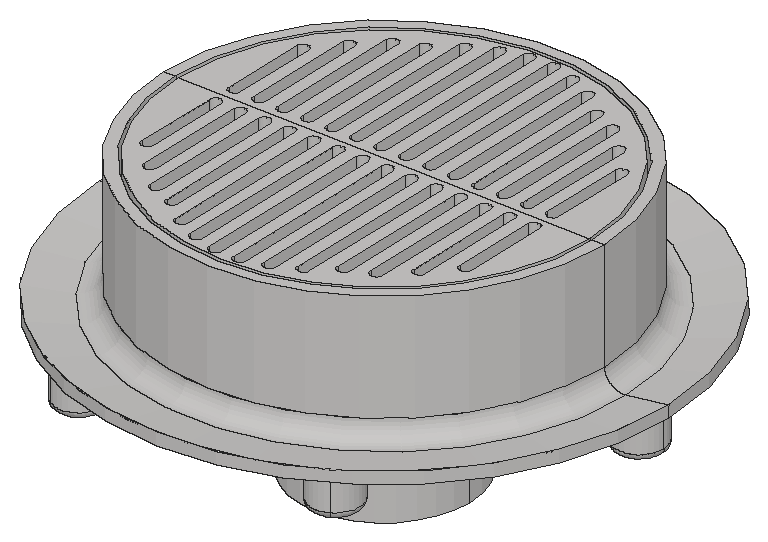
Revit family "Drain_Floor_Medium-Depth_Round_Zurn-Z1731_Heavy-Duty", category Plumbing Fixtures, Revit 2022
Family settings
  Round Connector Dimension = Use Radius
  Part Type = Normal
  OmniClass Number = 23.45.55.21
  OmniClass Title = Drains (Wastes)
  Work Plane-Based = No
  Always vertical = Yes
  Cut with Voids When Loaded = No
  Maintain Annotation Orientation = No
  Shared = No
  Room Calculation Point = No
Parameters (values of type "Load Family Type Catalog")
  Vent Connection = 1 = 0  # no
  HW Connection = 1 = 0  # no
  CW Connection = 1 = 0  # no
  Waste Connection = 1 = 1  # yes
  WFU = 0  # constant formula
  URL = "www.zurn.com"
  Type Comments = "Z1731 - 3 inch Butt-Weld Outlet"
  Product data url = "https://www.bimobject.com/en-us/zurnindustries/product/z1731"
  Product Page URL = "https://www.zurn.com/products/drainage-interceptors/floor-drains/area-drains/z1731"
  Product Documentation Link = "https://files.zurn.com/spec-sheets/z1731.pdf"
  Pipe Size 'A' (Outer Diameter) = 3.500"
  Pipe Size 'A' (Nominal Radius) = [Pipe Size 'A' (Nominal Diameter)] / 2  # 1.500"
  Pipe Size 'A' (Nominal Diameter) = 3.000"
  Pipe Size 'A' (Inner Radius) = [Pipe Size 'A' (Inner Diameter)] / 2  # 1.534"
  Pipe Size 'A' (Outer Radius) = [Pipe Size 'A' (Outer Diameter)] / 2  # 1.750"
  Pipe Size 'A' (Inner Diameter) = 3.068"
  Modified Date = "10/31/25"  # constant formula
  Model = "Z1731"
  Manufacurer Brand = "Zurn"  # constant formula
  Manufacturer = "Zurn Water, LLC"  # constant formula
  Main Material = Steel - Zurn- Stainless - Type - 304
  HWFU = 0  # constant formula
  Description = "9 INCH DIAMETER FLOOR DRAIN MEDIUM DEPTH"  # constant formula
  Default Elevation = 0.000"
  Date Created = "02/15/23"  # constant formula
  CWFU = 0  # constant formula
  Body HT Dim 'E' = 5.688"
  Assembly Code = "D2030300"
  Approx. Weight (Lbs) = 22.000"
Reference planes (in)
  plane 1 "Center (Front/Back)": y = 0
  plane 2: z = 0
  plane 3 "Center (Left/Right)": x = 0
  plane 4 "Outlet": z = -5.688
  plane 5: x = 5.813
  plane 6: x = 4.5
  plane 7: x = 1.534
  plane 8: x = 1.75
  plane 9: x = 1.5
  plane 10: x = -1.5
  plane 11: y = 1.5
  plane 12: y = -1.5
  plane 13: x = 5.213
  plane 14: x = 5.713
  plane 15: z = -3.4375
  plane 16: z = -2.375
Forms (in)
  Revolve 1, solid, material "Steel - Zurn- Stainless - Type - 304" <- "Main Material", detail levels fine
    sketch origin (0, 0, 0) x (1, 0, 0) y (0, 0, 1)
      loop
        line (4.0175, -0.625) -> (4.0175, -2.42217)
        arc (4.0175, -2.42217) -> (3.92765, -2.66571) -> (3.70116, -2.79255) r 0.375
        line (3.70116, -2.79255) -> (1.74489, -3.1024)
        arc (1.74489, -3.1024) -> (1.5939, -3.18696) -> (1.534, -3.34932) r 0.25
        line (1.534, -3.34932) -> (1.534, -5.688) -> (1.75, -5.688) -> (1.75, -3.56822)
        arc (1.75, -3.56822) -> (1.8099, -3.40586) -> (1.96089, -3.3213) r 0.25
        line (1.96089, -3.3213) -> (5.813, -2.71119) -> (5.813, -2.46541) -> (4.93366, -2.60469)
        arc (4.93366, -2.60469) -> (4.63146, -2.51946) -> (4.5, -2.2343) r 0.375
        line (4.5, -2.2343) -> (4.5, 0) -> (4.2675, 0) -> (4.2675, -0.625) -> (4.0175, -0.625)
      axis (0, -5.688) -> (0, 0)
    angle from 0 to 360
  Revolve 2, solid, material "Steel - Zurn- Stainless - Type - 304" <- "Main Material", detail levels fine
    sketch origin (0, 0, 0) x (1, 0, 0) y (0, 0, 1)
      loop
        line (5.213, -2.71119) -> (5.213, -3.4375) -> (5.588, -3.4375)
        arc (5.588, -3.4375) -> (5.67639, -3.40089) -> (5.713, -3.3125) r 0.125
        line (5.713, -3.3125) -> (5.713, -2.71119) -> (5.213, -2.71119)
      axis (5.213, -2.71119) -> (5.213, -3.4375)
    angle from 0 to 360
  Revolve 3, solid, material "Steel - Zurn- Stainless - Type - 304" <- "Main Material", detail levels fine
    sketch origin (0, 0, 0) x (0.5, 0.866025, 0) y (0, 0, 1)
      loop
        line (5.213, -2.71119) -> (5.213, -3.4375) -> (5.588, -3.4375)
        arc (5.588, -3.4375) -> (5.67639, -3.40089) -> (5.713, -3.3125) r 0.125
        line (5.713, -3.3125) -> (5.713, -2.71119) -> (5.213, -2.71119)
      axis (5.213, -2.71119) -> (5.213, -3.4375)
    angle from 0 to 360
  Revolve 4, solid, material "Steel - Zurn- Stainless - Type - 304" <- "Main Material", detail levels fine
    sketch origin (0, 0, 0) x (-0.5, 0.866025, 0) y (0, 0, 1)
      loop
        line (5.213, -2.71119) -> (5.213, -3.4375) -> (5.588, -3.4375)
        arc (5.588, -3.4375) -> (5.67639, -3.40089) -> (5.713, -3.3125) r 0.125
        line (5.713, -3.3125) -> (5.713, -2.71119) -> (5.213, -2.71119)
      axis (5.213, -2.71119) -> (5.213, -3.4375)
    angle from 0 to 360
  Revolve 5, solid, material "Steel - Zurn- Stainless - Type - 304" <- "Main Material", detail levels fine
    sketch origin (0, 0, 0) x (-1, 0, 0) y (0, 0, 1)
      loop
        line (5.213, -2.71119) -> (5.213, -3.4375) -> (5.588, -3.4375)
        arc (5.588, -3.4375) -> (5.67639, -3.40089) -> (5.713, -3.3125) r 0.125
        line (5.713, -3.3125) -> (5.713, -2.71119) -> (5.213, -2.71119)
      axis (5.213, -2.71119) -> (5.213, -3.4375)
    angle from 0 to 360
  Revolve 6, solid, material "Steel - Zurn- Stainless - Type - 304" <- "Main Material", detail levels fine
    sketch origin (0, 0, 0) x (-0.5, -0.866025, 0) y (0, 0, 1)
      loop
        line (5.213, -2.71119) -> (5.213, -3.4375) -> (5.588, -3.4375)
        arc (5.588, -3.4375) -> (5.67639, -3.40089) -> (5.713, -3.3125) r 0.125
        line (5.713, -3.3125) -> (5.713, -2.71119) -> (5.213, -2.71119)
      axis (5.213, -2.71119) -> (5.213, -3.4375)
    angle from 0 to 360
  Revolve 7, solid, material "Steel - Zurn- Stainless - Type - 304" <- "Main Material", detail levels fine
    sketch origin (0, 0, 0) x (0.5, -0.866025, 0) y (0, 0, 1)
      loop
        line (5.213, -2.71119) -> (5.213, -3.4375) -> (5.588, -3.4375)
        arc (5.588, -3.4375) -> (5.67639, -3.40089) -> (5.713, -3.3125) r 0.125
        line (5.713, -3.3125) -> (5.713, -2.71119) -> (5.213, -2.71119)
      axis (5.213, -2.71119) -> (5.213, -3.4375)
    angle from 0 to 360
Lines and regions (in)
  Masking region 1, detail levels fine
    outline origin (0, 0, 0) x (1, 0, 0) y (0, 1, 0)
      loop
        circle (0, 0) r 4.5
  model lines, detail levels coarse+medium
    curve 1: line (0, 0, 0) -> (0, 0, -5.688)
    curve 2: circle (0, 0, 0) r 4.2675 normal (0, 0, 1)
    curve 3: circle (0, 0, 0) r 4.5 normal (0, 0, 1)
    curve 4: line (-3.29516, 2.71173, 0) -> (-3.29516, -2.71173, 0)
    curve 5: line (-2.78763, 3.2312, 0) -> (-2.78763, -3.2312, 0)
    curve 6: line (-2.28011, 3.60731, 0) -> (-2.28011, -3.60731, 0)
    curve 7: line (-1.77258, 3.88195, 0) -> (-1.77258, -3.88195, 0)
    curve 8: line (-1.26505, 4.07568, 0) -> (-1.26505, -4.07568, 0)
    curve 9: line (-0.75753, 4.19973, 0) -> (-0.75753, -4.19973, 0)
    curve 10: line (-0.25, 4.26017, 0) -> (-0.25, -4.26017, 0)
    curve 11: line (0.25753, 4.25972, 0) -> (0.25753, -4.25972, 0)
    curve 12: line (0.76505, 4.19836, 0) -> (0.76505, -4.19836, 0)
    curve 13: line (1.27258, 4.07334, 0) -> (1.27258, -4.07334, 0)
    curve 14: line (1.78011, 3.8785, 0) -> (1.78011, -3.8785, 0)
    curve 15: line (2.79516, 3.22469, 0) -> (2.79516, -3.22469, 0)
    curve 16: line (2.28763, 3.60254, 0) -> (2.28763, -3.60254, 0)
    curve 17: line (-3.80269, 1.93678, 0) -> (-3.80269, -1.93678, 0)
    curve 18: line (3.30269, 2.70256, 0) -> (3.30269, -2.70256, 0)
    curve 19: line (3.81021, 1.92193, 0) -> (3.81021, -1.92193, 0)
    curve 20: line (-1.5, 0, -5.688) -> (1.5, 0, -5.688)
    curve 21: line (0, -1.5, -5.688) -> (0, 1.5, -5.688)
Dimensions and locks (in)
  "Body HT Dim 'E'": plane 4 "Outlet" to level
  locked: plane 5 to plane 3 "Center (Left/Right)" at 5.813
  locked: plane 6 to plane 3 "Center (Left/Right)" at 4.5
  "Pipe Size 'A' (Inner Radius)": plane 7 to plane 3 "Center (Left/Right)"
  "Pipe Size 'A' (Outer Radius)": plane 8 to plane 3 "Center (Left/Right)"
  plane 6 to Revolve 1 sketch curve = 0.2325"
  Revolve 1 sketch curve to level = 0.625"
  "Pipe Size 'A' (Nominal Radius)": plane 10 to plane 3 "Center (Left/Right)" to plane 9
  "Pipe Size 'A' (Nominal Radius)": plane 12 to plane 1 "Center (Front/Back)" to plane 11
  locked: plane 5 to plane 13 at 0.6
  locked: plane 15 to level at 3.4375
  locked: Revolve 1 sketch curve to Revolve 1 sketch curve at 0.24275
  locked: Revolve 1 sketch curve to Revolve 1 sketch curve at 0.25  (x2)
  equal spacing: curve 17, curve 4, curve 5, curve 6, curve 7, curve 8, curve 9, curve 10, curve 11, curve 12, curve 13, curve 14, curve 16, curve 15, curve 18, curve 19
  locked: curve 17 to curve 19 at 7.6129
  curve 10 to plane 3 "Center (Left/Right)" = 0.250"
  locked: plane 16 to level at 2.375
  radius of Revolve 1 sketch curve = 0.375"  (x2)
  radius of Revolve 1 sketch curve = 0.250"  (x2)
  angle Revolve 1 sketch curve to plane 16 = 9.00°
  aligned and locked: plane 2 to level
  aligned and locked: level to Revolve 1 sketch curve
  aligned and locked: Revolve 1 sketch curve to plane 3 "Center (Left/Right)"
  aligned and locked: level to curve 1
  aligned and locked: plane 4 "Outlet" to curve 1
  aligned and locked: plane 3 "Center (Left/Right)" to curve 1
  aligned and locked: plane 3 "Center (Left/Right)" to nested 1
  aligned and locked: nested 1 to level
  aligned and locked: plane 1 "Center (Front/Back)" to nested 1
  aligned and locked: curve 2 to Revolve 1
  aligned and locked: curve 3 to Revolve 1
  aligned and locked: plane 11 to curve 21
  aligned and locked: plane 12 to curve 21
  aligned and locked: plane 10 to curve 20
  aligned and locked: plane 9 to curve 20
  aligned and locked: plane 1 "Center (Front/Back)" to curve 20
  aligned and locked: plane 3 "Center (Left/Right)" to curve 21
  aligned and locked: Masking region 1 sketch curve to Revolve 1
  aligned and locked: plane 5 to Revolve 1 sketch curve
  aligned and locked: plane 6 to Revolve 1 sketch curve
  aligned and locked: Revolve 1 sketch curve to plane 4 "Outlet"
  aligned and locked: plane 8 to Revolve 1 sketch curve
  aligned and locked: Revolve 1 sketch curve to plane 7
Automatic sketch dimensions
  Revolve 1 sketch curve to plane 15 = 0.13072"
  Revolve 1 sketch curve to plane 4 "Outlet" = 19.817"
  level to Revolve 1 sketch curve = 102.71882"
  Revolve 2 sketch curve to Revolve 2 sketch curve = 0.375"
  Revolve 2 sketch curve to Revolve 2 sketch curve = 0.500"
  Revolve 2 sketch curve to Revolve 2 sketch curve = 0.60131"
  Revolve 2 sketch curve to Revolve 2 sketch curve = 0.000"
  Revolve 2 sketch curve to Revolve 2 sketch curve = 0.15259"
  Revolve 2 sketch curve to Revolve 2 sketch curve = 1.69881"
  Revolve 3 sketch curve to Revolve 3 sketch curve = 0.375"
  Revolve 3 sketch curve to Revolve 3 sketch curve = 0.500"
  Revolve 3 sketch curve to Revolve 3 sketch curve = 0.60131"
  Revolve 3 sketch curve to Revolve 3 sketch curve = 0.000"
  Revolve 3 sketch curve to Revolve 3 sketch curve = 0.15259"
  Revolve 3 sketch curve to Revolve 3 sketch curve = 1.69881"
  Revolve 4 sketch curve to Revolve 4 sketch curve = 0.375"
  Revolve 4 sketch curve to Revolve 4 sketch curve = 0.500"
  Revolve 4 sketch curve to Revolve 4 sketch curve = 0.60131"
  Revolve 4 sketch curve to Revolve 4 sketch curve = 0.000"
  Revolve 4 sketch curve to Revolve 4 sketch curve = 0.15259"
  Revolve 4 sketch curve to Revolve 4 sketch curve = 1.69881"
  Revolve 5 sketch curve to Revolve 5 sketch curve = 0.375"
  Revolve 5 sketch curve to Revolve 5 sketch curve = 0.500"
  Revolve 5 sketch curve to Revolve 5 sketch curve = 0.60131"
  Revolve 5 sketch curve to Revolve 5 sketch curve = 0.000"
  Revolve 5 sketch curve to Revolve 5 sketch curve = 0.15259"
  Revolve 5 sketch curve to Revolve 5 sketch curve = 1.69881"
  Revolve 6 sketch curve to Revolve 6 sketch curve = 0.375"
  Revolve 6 sketch curve to Revolve 6 sketch curve = 0.500"
  Revolve 6 sketch curve to Revolve 6 sketch curve = 0.60131"
  Revolve 6 sketch curve to Revolve 6 sketch curve = 0.000"
  Revolve 6 sketch curve to Revolve 6 sketch curve = 0.15259"
  Revolve 6 sketch curve to Revolve 6 sketch curve = 1.69881"
  Revolve 7 sketch curve to Revolve 7 sketch curve = 0.375"
  Revolve 7 sketch curve to Revolve 7 sketch curve = 0.500"
  Revolve 7 sketch curve to Revolve 7 sketch curve = 0.60131"
  Revolve 7 sketch curve to Revolve 7 sketch curve = 0.000"
  Revolve 7 sketch curve to Revolve 7 sketch curve = 0.15259"
  Revolve 7 sketch curve to Revolve 7 sketch curve = 1.69881"
Nested families (in)
  nested 1: "Grate_Z1730" at (0, 0, 0), Main Material <- "Main Material", type "Grate_Z1730", detail levels fine
    with Main Material Steel - Zurn- Stainless - Type - 304
Connectors (in)
  piping at (0, 0, -5.688), diameter 3, driven by "Pipe Size 'A' (Nominal Radius)", driven by "Waste Connection"
    settings: on Revolve 1, index 1, connector inside diameter 24", connector length 0.000", flow factor 0, pipe flow 0 GPM, pressure drop 0.00 psi, fitting loss kfactor 0, connector angle 0.00°, fixture units 0, engagement length 0.000", angle of deflection 0.00°, flow configuration 0, flow direction 2, fitting loss method 0, system type 16, joint type 0, gender type 0, connector reference index -1, connector utility 1, adjustable connector no, is connector primary yes, connector description "Sanitary Outlet"
Definition of nested family "Grate_Z1730"
  Parameters (values of type "Grate_Z1730")
    URL = "www.zurn.com"
    Product data url = ""
    Product Page URL = ""
    Product Installation Sheet URL = ""
    Product Documentation Link = ""
    Modified Date = ""
    Manufacurer Brand = "Zurn"  # constant formula
    Manufacturer = "Zurn Water, LLC"  # constant formula
    Main Material [instance] = none
    Default Elevation = 0.000"
    Date Created = ""
    Approx. Weight (Lbs) = 0.000"
  Reference planes (in)
    plane 1 "Center (Front/Back)": y = 0
    plane 2: z = 0
    plane 3 "Center (Left/Right)": x = 0
    plane 4: x = -4.2
    plane 5: z = -0.625
    plane 6: z = -0.313
  Forms (in)
    Revolve 1, solid, material <- "Main Material"
      sketch origin (0, 0, 0) x (1, 0, 0) y (0, 0, 1)
        loop
          line (0, 0) -> (-4.2, 0) -> (-4.2, -0.625) -> (-4.075, -0.625)
          arc (-4.075, -0.625) -> (-3.98661, -0.58839) -> (-3.95, -0.5) r 0.125
          line (-3.95, -0.5) -> (-3.95, -0.438)
          arc (-3.95, -0.438) -> (-3.91339, -0.34961) -> (-3.825, -0.313) r 0.125
          line (-3.825, -0.313) -> (0, -0.313) -> (0, 0)
        axis (0, 0) -> (0, -0.625)
      angle from 0 to 360
    Extrusion 2, void
      sketch origin (0, 0, 0) x (1, 0, 0) y (0, 1, 0)
        loop
          arc (-0.375, 0.25) -> (-0.25, 0.125) -> (-0.125, 0.25) r 0.125
          line (-0.125, 0.25) -> (-0.125, 4.00274)
          arc (-0.125, 4.00274) -> (-0.25, 4.12774) -> (-0.375, 4.00274) r 0.125
          line (-0.375, 4.00274) -> (-0.375, 0.25)
        loop
          arc (-0.875, 0.25) -> (-0.75, 0.125) -> (-0.625, 0.25) r 0.125
          line (-0.625, 0.25) -> (-0.625, 3.86457)
          arc (-0.625, 3.86457) -> (-0.75, 3.98957) -> (-0.875, 3.86457) r 0.125
          line (-0.875, 3.86457) -> (-0.875, 0.25)
        loop
          arc (-1.375, 0.25) -> (-1.25, 0.125) -> (-1.125, 0.25) r 0.125
          line (-1.125, 0.25) -> (-1.125, 3.61788)
          arc (-1.125, 3.61788) -> (-1.25, 3.74288) -> (-1.375, 3.61788) r 0.125
          line (-1.375, 3.61788) -> (-1.375, 0.25)
        loop
          arc (-1.875, 0.25) -> (-1.75, 0.125) -> (-1.625, 0.25) r 0.125
          line (-1.625, 0.25) -> (-1.625, 3.22261)
          arc (-1.625, 3.22261) -> (-1.75, 3.34761) -> (-1.875, 3.22261) r 0.125
          line (-1.875, 3.22261) -> (-1.875, 0.25)
        loop
          arc (-2.375, 0.25) -> (-2.25, 0.125) -> (-2.125, 0.25) r 0.125
          line (-2.125, 0.25) -> (-2.125, 3.01161)
          arc (-2.125, 3.01161) -> (-2.25, 3.13661) -> (-2.375, 3.01161) r 0.125
          line (-2.375, 3.01161) -> (-2.375, 0.25)
        loop
          arc (-2.875, 0.25) -> (-2.75, 0.125) -> (-2.625, 0.25) r 0.125
          line (-2.625, 0.25) -> (-2.625, 2.53768)
          arc (-2.625, 2.53768) -> (-2.75, 2.66268) -> (-2.875, 2.53768) r 0.125
          line (-2.875, 2.53768) -> (-2.875, 0.25)
        loop
          arc (-3.375, 0.25) -> (-3.25, 0.125) -> (-3.125, 0.25) r 0.125
          line (-3.125, 0.25) -> (-3.125, 1.98337)
          arc (-3.125, 1.98337) -> (-3.25, 2.10837) -> (-3.375, 1.98337) r 0.125
          line (-3.375, 1.98337) -> (-3.375, 0.25)
        loop
          line (0.375, 0.25) -> (0.375, 4.00274)
          arc (0.375, 4.00274) -> (0.25, 4.12774) -> (0.125, 4.00274) r 0.125
          line (0.125, 4.00274) -> (0.125, 0.25)
          arc (0.125, 0.25) -> (0.25, 0.125) -> (0.375, 0.25) r 0.125
        loop
          line (0.875, 0.25) -> (0.875, 3.86457)
          arc (0.875, 3.86457) -> (0.75, 3.98957) -> (0.625, 3.86457) r 0.125
          line (0.625, 3.86457) -> (0.625, 0.25)
          arc (0.625, 0.25) -> (0.75, 0.125) -> (0.875, 0.25) r 0.125
        loop
          line (1.375, 0.25) -> (1.375, 3.61788)
          arc (1.375, 3.61788) -> (1.25, 3.74288) -> (1.125, 3.61788) r 0.125
          line (1.125, 3.61788) -> (1.125, 0.25)
          arc (1.125, 0.25) -> (1.25, 0.125) -> (1.375, 0.25) r 0.125
        loop
          line (1.875, 0.25) -> (1.875, 3.22261)
          arc (1.875, 3.22261) -> (1.75, 3.34761) -> (1.625, 3.22261) r 0.125
          line (1.625, 3.22261) -> (1.625, 0.25)
          arc (1.625, 0.25) -> (1.75, 0.125) -> (1.875, 0.25) r 0.125
        loop
          line (2.375, 0.25) -> (2.375, 3.01161)
          arc (2.375, 3.01161) -> (2.25, 3.13661) -> (2.125, 3.01161) r 0.125
          line (2.125, 3.01161) -> (2.125, 0.25)
          arc (2.125, 0.25) -> (2.25, 0.125) -> (2.375, 0.25) r 0.125
        loop
          line (2.875, 0.25) -> (2.875, 2.53768)
          arc (2.875, 2.53768) -> (2.75, 2.66268) -> (2.625, 2.53768) r 0.125
          line (2.625, 2.53768) -> (2.625, 0.25)
          arc (2.625, 0.25) -> (2.75, 0.125) -> (2.875, 0.25) r 0.125
        loop
          line (3.375, 0.25) -> (3.375, 1.98337)
          arc (3.375, 1.98337) -> (3.25, 2.10837) -> (3.125, 1.98337) r 0.125
          line (3.125, 1.98337) -> (3.125, 0.25)
          arc (3.125, 0.25) -> (3.25, 0.125) -> (3.375, 0.25) r 0.125
        loop
          line (-0.375, -0.25) -> (-0.375, -4.00274)
          arc (-0.375, -4.00274) -> (-0.25, -4.12774) -> (-0.125, -4.00274) r 0.125
          line (-0.125, -4.00274) -> (-0.125, -0.25)
          arc (-0.125, -0.25) -> (-0.25, -0.125) -> (-0.375, -0.25) r 0.125
        loop
          line (-0.875, -0.25) -> (-0.875, -3.86457)
          arc (-0.875, -3.86457) -> (-0.75, -3.98957) -> (-0.625, -3.86457) r 0.125
          line (-0.625, -3.86457) -> (-0.625, -0.25)
          arc (-0.625, -0.25) -> (-0.75, -0.125) -> (-0.875, -0.25) r 0.125
        loop
          line (-1.375, -0.25) -> (-1.375, -3.61788)
          arc (-1.375, -3.61788) -> (-1.25, -3.74288) -> (-1.125, -3.61788) r 0.125
          line (-1.125, -3.61788) -> (-1.125, -0.25)
          arc (-1.125, -0.25) -> (-1.25, -0.125) -> (-1.375, -0.25) r 0.125
        loop
          line (-1.875, -0.25) -> (-1.875, -3.22261)
          arc (-1.875, -3.22261) -> (-1.75, -3.34761) -> (-1.625, -3.22261) r 0.125
          line (-1.625, -3.22261) -> (-1.625, -0.25)
          arc (-1.625, -0.25) -> (-1.75, -0.125) -> (-1.875, -0.25) r 0.125
        loop
          line (-2.375, -0.25) -> (-2.375, -3.01161)
          arc (-2.375, -3.01161) -> (-2.25, -3.13661) -> (-2.125, -3.01161) r 0.125
          line (-2.125, -3.01161) -> (-2.125, -0.25)
          arc (-2.125, -0.25) -> (-2.25, -0.125) -> (-2.375, -0.25) r 0.125
        loop
          line (-2.875, -0.25) -> (-2.875, -2.53768)
          arc (-2.875, -2.53768) -> (-2.75, -2.66268) -> (-2.625, -2.53768) r 0.125
          line (-2.625, -2.53768) -> (-2.625, -0.25)
          arc (-2.625, -0.25) -> (-2.75, -0.125) -> (-2.875, -0.25) r 0.125
        loop
          line (-3.375, -0.25) -> (-3.375, -1.98337)
          arc (-3.375, -1.98337) -> (-3.25, -2.10837) -> (-3.125, -1.98337) r 0.125
          line (-3.125, -1.98337) -> (-3.125, -0.25)
          arc (-3.125, -0.25) -> (-3.25, -0.125) -> (-3.375, -0.25) r 0.125
        loop
          arc (0.375, -0.25) -> (0.25, -0.125) -> (0.125, -0.25) r 0.125
          line (0.125, -0.25) -> (0.125, -4.00274)
          arc (0.125, -4.00274) -> (0.25, -4.12774) -> (0.375, -4.00274) r 0.125
          line (0.375, -4.00274) -> (0.375, -0.25)
        loop
          arc (0.875, -0.25) -> (0.75, -0.125) -> (0.625, -0.25) r 0.125
          line (0.625, -0.25) -> (0.625, -3.86457)
          arc (0.625, -3.86457) -> (0.75, -3.98957) -> (0.875, -3.86457) r 0.125
          line (0.875, -3.86457) -> (0.875, -0.25)
        loop
          arc (1.375, -0.25) -> (1.25, -0.125) -> (1.125, -0.25) r 0.125
          line (1.125, -0.25) -> (1.125, -3.61788)
          arc (1.125, -3.61788) -> (1.25, -3.74288) -> (1.375, -3.61788) r 0.125
          line (1.375, -3.61788) -> (1.375, -0.25)
        loop
          arc (1.875, -0.25) -> (1.75, -0.125) -> (1.625, -0.25) r 0.125
          line (1.625, -0.25) -> (1.625, -3.22261)
          arc (1.625, -3.22261) -> (1.75, -3.34761) -> (1.875, -3.22261) r 0.125
          line (1.875, -3.22261) -> (1.875, -0.25)
        loop
          arc (2.375, -0.25) -> (2.25, -0.125) -> (2.125, -0.25) r 0.125
          line (2.125, -0.25) -> (2.125, -3.01161)
          arc (2.125, -3.01161) -> (2.25, -3.13661) -> (2.375, -3.01161) r 0.125
          line (2.375, -3.01161) -> (2.375, -0.25)
        loop
          arc (2.875, -0.25) -> (2.75, -0.125) -> (2.625, -0.25) r 0.125
          line (2.625, -0.25) -> (2.625, -2.53768)
          arc (2.625, -2.53768) -> (2.75, -2.66268) -> (2.875, -2.53768) r 0.125
          line (2.875, -2.53768) -> (2.875, -0.25)
        loop
          arc (3.375, -0.25) -> (3.25, -0.125) -> (3.125, -0.25) r 0.125
          line (3.125, -0.25) -> (3.125, -1.98337)
          arc (3.125, -1.98337) -> (3.25, -2.10837) -> (3.375, -1.98337) r 0.125
          line (3.375, -1.98337) -> (3.375, -0.25)
      from 0 to -0.313
  Cuts and joins
    Extrusion 2 cuts Revolve 1
  Dimensions and locks (in)
    Revolve 1 sketch curve to plane 4 = 0.250"
    Extrusion 2 sketch curve to plane 3 "Center (Left/Right)" = 0.125"
    equal spacing: Extrusion 2 sketch curve, Extrusion 2 sketch curve, Extrusion 2 sketch curve, Extrusion 2 sketch curve, Extrusion 2 sketch curve, Extrusion 2 sketch curve, Extrusion 2 sketch curve, Extrusion 2 sketch curve, Extrusion 2 sketch curve, Extrusion 2 sketch curve, Extrusion 2 sketch curve, Extrusion 2 sketch curve, Extrusion 2 sketch curve, Extrusion 2 sketch curve, locked at 0.25 each  (x4)
    locked: Extrusion 2 sketch curve to Extrusion 2 sketch curve at 3.25  (x4)
    locked: plane 3 "Center (Left/Right)" to plane 4 at 4.2
    aligned and locked: plane 2 to level
    aligned and locked: level to Revolve 1 sketch curve
    aligned and locked: Revolve 1 sketch curve to plane 4
    aligned and locked: Revolve 1 sketch curve to plane 5
    aligned and locked: Revolve 1 sketch curve to plane 6
    aligned and locked: plane 3 "Center (Left/Right)" to Revolve 1 sketch curve
    aligned and locked: Revolve 1 sketch curve to plane 3 "Center (Left/Right)"
    aligned and locked: Extrusion 2 to plane 6
    aligned and locked: level to Extrusion 2
  Automatic sketch dimensions
    plane 4 to Revolve 1 sketch curve = 0.125"
    Revolve 1 sketch curve to Revolve 1 sketch curve = 0.125"
    Revolve 1 sketch curve to plane 5 = 23.375"
    level to Revolve 1 sketch curve = 102.71882"
    Extrusion 2 sketch curve to Extrusion 2 sketch curve = 0.000"  (x3)
    plane 3 "Center (Left/Right)" to Extrusion 2 sketch curve = 0.125"  (x2)
    plane 1 "Center (Front/Back)" to Extrusion 2 sketch curve = 4.00274"
    Extrusion 2 sketch curve to Extrusion 2 sketch curve = 0.13817"  (x3)
    Extrusion 2 sketch curve to Extrusion 2 sketch curve = 0.24669"  (x4)
    Extrusion 2 sketch curve to Extrusion 2 sketch curve = 0.39526"  (x4)
    Extrusion 2 sketch curve to Extrusion 2 sketch curve = 0.21101"  (x4)
    Extrusion 2 sketch curve to Extrusion 2 sketch curve = 0.47393"  (x4)
    Extrusion 2 sketch curve to Extrusion 2 sketch curve = 0.55431"  (x4)
    plane 1 "Center (Front/Back)" to Extrusion 2 sketch curve = 0.250"  (x14)
    Extrusion 2 sketch curve to plane 1 "Center (Front/Back)" = 0.250"  (x14)
    Extrusion 2 sketch curve to Extrusion 2 sketch curve = 1.73337"  (x2)
Types in the file's own list only (16): name | Type Comments | Pipe Size 'A' (Outer Diameter) | Pipe Size 'A' (Nominal Radius) | Pipe Size 'A' (Nominal Diameter) | Pipe Size 'A' (Inner Radius) | Pipe Size 'A' (Outer Radius) | Pipe Size 'A' (Inner Diameter) | Model | Main Material | Default Elevation | Body HT Dim 'E' | Approx. Weight (Lbs)
  Z1731-3BW | "Z1731 - 3 inch Butt-Weld Outlet" | 3.500 " | 1.500 " | 3.000 " | 1.534 " | 1.750 " | 3.068 " | "Z1731" | Steel - Zurn- Stainless - Type - 304 | 0.000 " | 5.688 " | 22.000 "
  Z1731-4BW | "Z1731 - 4 inch Butt-Weld Outlet" | 4.500 " | 2.000 " | 4.000 " | 2.013 " | 2.250 " | 4.026 " | "Z1731" | Steel - Zurn- Stainless - Type - 304 | 0.000 " | 5.688 " | 22.000 "
  Z1731-3IC | "Z1731 - 3 inch Inside Caulk Outlet" | 3.500 " | 1.500 " | 3.000 " | 1.534 " | 1.750 " | 3.068 " | "Z1731" | Steel - Zurn- Stainless - Type - 304 | 0.000 " | 5.688 " | 22.000 "
  Z1731-4IC | "Z1731 - 4 inch Inside Caulk Outlet" | 4.500 " | 2.000 " | 4.000 " | 2.013 " | 2.250 " | 4.026 " | "Z1731" | Steel - Zurn- Stainless - Type - 304 | 0.000 " | 5.688 " | 22.000 "
  Z1731-3IP | "Z1731 - 3 inch IP Threaded Outlet" | 3.500 " | 1.500 " | 3.000 " | 1.534 " | 1.750 " | 3.068 " | "Z1731" | Steel - Zurn- Stainless - Type - 304 | 0.000 " | 5.688 " | 22.000 "
  Z1731-4IP | "Z1731 - 4 inch IP Threaded Outlet" | 4.500 " | 2.000 " | 4.000 " | 2.013 " | 2.250 " | 4.026 " | "Z1731" | Steel - Zurn- Stainless - Type - 304 | 0.000 " | 5.688 " | 22.000 "
  Z1731-3NH | "Z1731 - 3 inch No-Hub Outlet" | 3.500 " | 1.500 " | 3.000 " | 1.534 " | 1.750 " | 3.068 " | "Z1731" | Steel - Zurn- Stainless - Type - 304 | 0.000 " | 5.688 " | 22.000 "
  Z1731-4NH | "Z1731 - 4 inch No-Hub Outlet" | 4.500 " | 2.000 " | 4.000 " | 2.013 " | 2.250 " | 4.026 " | "Z1731" | Steel - Zurn- Stainless - Type - 304 | 0.000 " | 5.688 " | 22.000 "
  ZM1731-3BW | "ZM1731 - 3 inch Butt-Weld Outlet" | 3.500 " | 1.500 " | 3.000 " | 1.534 " | 1.750 " | 3.068 " | "ZM1731" | Steel - Zurn- Stainless - Type - 316 | 0.000 " | 5.688 " | 22.000 "
  ZM1731-4BW | "ZM1731 - 4 inch Butt-Weld Outlet" | 4.500 " | 2.000 " | 4.000 " | 2.013 " | 2.250 " | 4.026 " | "ZM1731" | Steel - Zurn- Stainless - Type - 316 | 0.000 " | 5.688 " | 22.000 "
  ZM1731-3IC | "ZM1731 - 3 inch Inside Caulk Outlet" | 3.500 " | 1.500 " | 3.000 " | 1.534 " | 1.750 " | 3.068 " | "ZM1731" | Steel - Zurn- Stainless - Type - 316 | 0.000 " | 5.688 " | 22.000 "
  ZM1731-4IC | "ZM1731 - 4 inch Inside Caulk Outlet" | 4.500 " | 2.000 " | 4.000 " | 2.013 " | 2.250 " | 4.026 " | "ZM1731" | Steel - Zurn- Stainless - Type - 316 | 0.000 " | 5.688 " | 22.000 "
  ZM1731-3IP | "ZM1731 - 3 inch IP Threaded Outlet" | 3.500 " | 1.500 " | 3.000 " | 1.534 " | 1.750 " | 3.068 " | "ZM1731" | Steel - Zurn- Stainless - Type - 316 | 0.000 " | 5.688 " | 22.000 "
  ZM1731-4IP | "ZM1731 - 4 inch IP Threaded Outlet" | 4.500 " | 2.000 " | 4.000 " | 2.013 " | 2.250 " | 4.026 " | "ZM1731" | Steel - Zurn- Stainless - Type - 316 | 0.000 " | 5.688 " | 22.000 "
  ZM1731-3NH | "ZM1731 - 3 inch No-Hub Outlet" | 3.500 " | 1.500 " | 3.000 " | 1.534 " | 1.750 " | 3.068 " | "ZM1731" | Steel - Zurn- Stainless - Type - 316 | 0.000 " | 5.688 " | 22.000 "
  ZM1731-4NH | "ZM1731 - 4 inch No-Hub Outlet" | 4.500 " | 2.000 " | 4.000 " | 2.013 " | 2.250 " | 4.026 " | "ZM1731" | Steel - Zurn- Stainless - Type - 316 | 0.000 " | 5.688 " | 22.000 "
